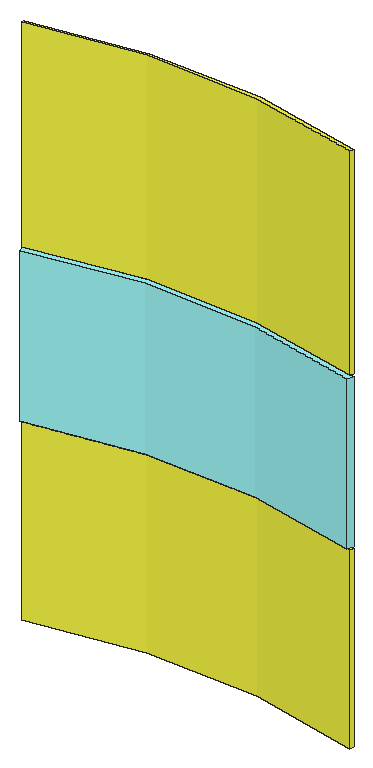
Revit family "EXP_WT-1A_CPan-007", category Curtain Panels, Revit 2021
Family settings
  OmniClass Number = 23.25.20.14.11.11.17
  OmniClass Title = Infill Panels
  Always vertical = Yes
  Cut with Voids When Loaded = Yes
  Shared = No
Parameters (values of type "R = 18'  0" _ H2 = 4' 6 1/2"")
  UI-UnitNumber [instance] = "01"
  UI-Quadrant [instance] = "SE"
  UI-ProjectAbbreviation = "NEU"
  UI-ItemCategory = "PID"
  UI-FloorNumber [instance] = "03"
  PNT-WallType = "WT1A"
  PNT-ProjectAbbreviation = "NEU"
  PNT-PanelType [instance] = "01"
  PNT-ItemCategory = "PNL"
  GlassSPH3 [instance] = 0' - 1 1/8"
  GlassSPH2(x3) [instance] = 0' - 2 3/16"
  GlassSPH1 [instance] = 0' - 1 1/8"
  GlassRayEX = 18' - 0"
  GlassH3 = IG-3C(Glass)
  GlassH2 = IG-1C(Glass)
  GlassH1 = IG-3C(Glass)
  Description = "Curve"
  Define Thermal Properties by = Schematic Type
  CellSp = 0' - 10 3/16"
  CellRayIN [instance] = CellRayEX - CellSp  # 17' - 1 13/16"
  CellRayEX = 18' - 0"
  CellLArch [instance] = 9' - 11.6335"
  CellH3 [instance] = CellH - (CellH1 + CellH2)  # 5' - 4 1/2"
  CellH2 = 4' - 6 1/2"
  CellH1 = 6' - 0 1/2"
  CellH [instance] = 15' - 11 1/2"
  Analytic Construction = "<None>"
Reference planes (in)
  plane 1 "Center (Front/Back)": y = 0
  plane 2: z = 0
  plane 3 "Center (Left/Right)": x = 0
  plane 4 "Left": x = -59.05512
  plane 5 "Right": x = 59.05512
  plane 6 "Top": z = 191.5
  plane 7: z = 119
  plane 8: z = 64.5
Forms (in)
  Extrusion 1, solid, material "IG-1C(Glass)" <- "GlassH2", detail levels coarse+medium
    sketch origin (0, 0, 0) x (1, 0, 0) y (0, 1, 0)
      loop
        line (-59.05512, 0) -> (-56.26982, -9.79935)
        arc (-56.26982, -9.79935) -> (0, -1.95779) -> (56.26982, -9.79935) r 205.8125
        line (56.26982, -9.79935) -> (59.05512, 0)
        arc (59.05512, 0) -> (0, 8.22971) -> (-59.05512, 0) r 216
    from 64.5 to 119
  Extrusion 2, solid, material "IG-3C(Glass)" <- "GlassH1", detail levels coarse+medium
    sketch origin (0, 0, 0) x (1, 0, 0) y (0, 1, 0)
      loop
        arc (59.05512, 0) -> (0, 8.22971) -> (-59.05512, 0) r 216
        line (-59.05512, 0) -> (-56.26982, -9.79935)
        arc (-56.26982, -9.79935) -> (0, -1.95779) -> (56.26982, -9.79935) r 205.8125
        line (56.26982, -9.79935) -> (59.05512, 0)
    from 119 to 191.5
  Extrusion 3, solid, material "IG-3C(Glass)" <- "GlassH3", detail levels coarse+medium
    sketch origin (0, 0, 0) x (1, 0, 0) y (0, 1, 0)
      loop
        line (56.26982, -9.79935) -> (59.05512, 0)
        arc (59.05512, 0) -> (0, 8.22971) -> (-59.05512, 0) r 216
        line (-59.05512, 0) -> (-56.26982, -9.79935)
        arc (-56.26982, -9.79935) -> (0, -1.95779) -> (56.26982, -9.79935) r 205.8125
    from 0 to 64.5
Lines and regions (in)
  reference lines
    curve 1: line (59.05512, 0, 0) -> (0, -207.77029, 0)
    curve 2: line (-59.05512, 0, 0) -> (0, -207.77029, 0)
    curve 3: line (59.05512, 0, 0) -> (33.30348, 7.31946, 0)
    curve 4: line (-59.05512, 0, 0) -> (-31.03127, 7.96529, 0)
  model lines
    curve 5: arc (-59.05512, 0, 0) -> (0, 8.22971, 0) -> (59.05512, 0, 0) r 216
    curve 6: line (-59.05512, 0, 0) -> (-56.26982, -9.79935, 0)
    curve 7: line (59.05512, 0, 0) -> (56.26982, -9.79935, 0)
    curve 8: arc (56.26982, -9.79935, 0) -> (0, -1.95779, 0) -> (-56.26982, -9.79935, 0) r 205.8125
Text (in)
  text "Exterior" at (-92.59733, 55.75508, 0), in view "Ref. Level"
  text "Exterior" at (0, 90.18664, 173.49264), in view "Left"
  text "Exterior" at (0, 52.29083, 162.21847), in view "Right"
Dimensions and locks (in)
  equal spacing: plane 4 "Left", plane 3 "Center (Left/Right)", plane 5 "Right"
  "CellRayEX": curve 2 to curve 2
  "CellRayEX": curve 2 to curve 1
  "CellSp": curve 6 to curve 6
  "CellSp": curve 7 to curve 7
  "CellH": plane 2 to plane 6 "Top"
  "CellH1": plane 7 to plane 6 "Top"
  "CellH2": plane 8 to plane 7
  "CellRayEX": radius of curve 5
  locked: curve 2 to curve 4 (angle 90.00°)
  locked: curve 3 to curve 1 (angle 90.00°)
  "CellLArch": arc length of Extrusion 3  (x2)
  aligned and locked: level to plane 2
  aligned and locked: curve 6 to curve 2
  aligned and locked: curve 7 to curve 1
  aligned and locked: Extrusion 1 sketch curve to curve 5
  aligned and locked: Extrusion 1 sketch curve to curve 8
  aligned and locked: Extrusion 1 sketch curve to curve 7
  aligned and locked: Extrusion 1 sketch curve to curve 6
  aligned and locked: plane 7 to Extrusion 1
  aligned and locked: Extrusion 2 sketch curve to Extrusion 1  (x4)
  aligned and locked: Extrusion 2 to plane 6 "Top"
  aligned and locked: Extrusion 2 to plane 7
  aligned and locked: Extrusion 1 to plane 8
  aligned and locked: Extrusion 3 sketch curve to Extrusion 1  (x4)
  aligned and locked: plane 8 to Extrusion 3
  aligned and locked: Extrusion 3 to plane 2
  aligned and locked: plane 4 "Left" to nested 1
  aligned and locked: plane 5 "Right" to nested 1
  aligned and locked: plane 1 "Center (Front/Back)" to nested 1
  aligned and locked: nested 1 to plane 6 "Top"
  aligned and locked: plane 7 to nested 1
  aligned and locked: plane 4 "Left" to nested 2
  aligned and locked: plane 5 "Right" to nested 2
  aligned and locked: plane 1 "Center (Front/Back)" to nested 2
  aligned and locked: plane 7 to nested 2
  aligned and locked: plane 8 to nested 2
  aligned and locked: plane 4 "Left" to nested 3
  aligned and locked: plane 5 "Right" to nested 3
  aligned and locked: plane 1 "Center (Front/Back)" to nested 3
  aligned and locked: plane 8 to nested 3
  aligned and locked: plane 2 to nested 3
Automatic sketch dimensions
  curve 5 to curve 8 = 0' - 0"
  plane 1 "Center (Front/Back)" to curve 5 = 0' - 0"
  curve 8 to plane 3 "Center (Left/Right)" = 0' - 0"
  plane 1 "Center (Front/Back)" to curve 4 = 0' - 0"
  curve 4 to plane 4 "Left" = 0' - 0"
  curve 2 to plane 3 "Center (Left/Right)" = 0' - 0"
  plane 1 "Center (Front/Back)" to curve 3 = 0' - 0"
Nested families (in)
  nested 1: "EXP_WT-1x_IG-010" at (0, 0, 155.25), MaterialGlass <- "GlassH1", GlassRayEX <- "CellRayEX", GlassSP <- "GlassSPH1", type "GlassSP = H1", detail levels fine
    with MaterialGlass IG-3C(Glass), GlassSP 0' - 1 1/8", GlassRayIN 17' - 10 7/8", GlassRayEX 18' - 0", GlassL 9' - 8.23622", GlassH 5' - 10.81102", CellL 9' - 10.11024", CellH 6' - 0 1/2"
  nested 2: "EXP_WT-1x_IG-010" at (0, 0, 91.75), MaterialGlass <- "GlassH2", GlassRayEX <- "CellRayEX", GlassSP <- "GlassSPH2(x3)", type "GlassSP = H2(x3)", detail levels fine
    with MaterialGlass IG-1C(Glass), GlassSP 0' - 2 3/16", GlassRayIN 17' - 9 13/16", GlassRayEX 18' - 0", GlassL 9' - 8.23622", GlassH 4' - 5.74803", CellL 9' - 10.11024", CellH 4' - 6 1/2"
  nested 3: "EXP_WT-1x_IG-010" at (0, 0, 32.25), MaterialGlass <- "GlassH3", GlassRayEX <- "CellRayEX", GlassSP <- "GlassSPH3", type "GlassSP = H3", detail levels fine
    with MaterialGlass IG-3C(Glass), GlassSP 0' - 1 1/8", GlassRayIN 17' - 10 7/8", GlassRayEX 18' - 0", GlassL 9' - 8.23622", GlassH 5' - 2.56299", CellL 9' - 10.11024", CellH 5' - 4 1/2"
Definition of nested family "EXP_WT-1x_IG-010"
  Parameters (values of type "GlassSP = H3")
    MaterialGlass [instance] = none
    GlassSP [instance] = 0' - 1.25197"
    GlassRayIN [instance] = GlassRayEX - GlassSP  # 17' - 10.74803"
    GlassRayEX [instance] = 18' - 0"
    GlassL [instance] = CellL - (GlassD1 + GlassD3)  # 3' - 10.94488"
    GlassH [instance] = CellH - (GlassD2 + GlassD4)  # 6' - 6.64788"
    GlassD4 = 0' - 1.43701"
    GlassD3 = 0' - 0.93701"
    GlassD2 = 0' - 0 1/2"
    GlassD1 = 0' - 0.93701"
    GMPI-ProjectAbbreviation = "NEU"
    GMPI-IteamCategory = "GLS"
    Default Elevation = 0' - 0"
    CellL [instance] = 4' - 0.8189"
    CellH [instance] = 6' - 8.58489"
  Types (5): name | GlassH | GlassD4 | GlassD2
    GlassSP = H3 | 6' - 6.64788" | 0' - 1.43701" | 0' - 0 1/2"
    GlassSP = H2(x3) | 6' - 7.83292" | 0' - 0.25197" | 0' - 0 1/2"
    GlassSP = H2(x2) | 6' - 6.64788" | 0' - 1.43701" | 0' - 0 1/2"
    GlassSP = H1 | 6' - 6.89592" | 0' - 0.25197" | 0' - 1.43701"
    GlassSP = H | 6' - 5.71088" | 0' - 1.43701" | 0' - 1.43701"
  Reference planes (in)
    plane 1 "Center (Front/Back)": y = 0
    plane 2: z = 0
    plane 3 "Center (Left/Right)": x = 0
    plane 4: z = 40.29245
    plane 5: z = -40.29245
    plane 6: z = 39.79245
    plane 7: z = -38.85544
    plane 8: x = -24.40945
    plane 9: x = 24.40945
  Forms (in)
    Extrusion 1, solid, material <- "MaterialGlass"
      sketch origin (0, 0, 0) x (1, 0, 0) y (0, 1, 0)
        loop
          line (-23.47821, 0.10387) -> (-23.33673, -1.14009)
          arc (-23.33673, -1.14009) -> (0, 0.13168) -> (23.33673, -1.14009) r 214.74803
          line (23.33673, -1.14009) -> (23.47821, 0.10387)
          arc (23.47821, 0.10387) -> (0, 1.38365) -> (-23.47821, 0.10387) r 216
      from -38.85544 to 39.79245
  Lines and regions (in)
    reference lines
      curve 1: line (-24.40945, 0, 0) -> (0, -214.61635, 0)
      curve 2: line (0, -214.61635, 0) -> (24.40945, 0, 0)
      curve 4: line (-6.33555, -150.62035, 0) -> (18.07389, -365.2367, 0)
      curve 5: line (-18.07389, -365.2367, 0) -> (6.33555, -150.62035, 0)
    model lines, not visible
      curve 3: arc (-24.40945, 0, 0) -> (0, 1.38365, 0) -> (24.40945, 0, 0) r 216
  Dimensions and locks (in)
    equal spacing: plane 4, level, plane 5
    "CellH": plane 4 to plane 5
    "GlassD2": plane 4 to plane 6
    "GlassD4": plane 7 to plane 5
    equal spacing: plane 8, plane 3 "Center (Left/Right)", plane 9
    "GlassRayEX": curve 2 to curve 2
    "GlassRayEX": curve 1 to curve 1
    "GlassD1": curve 1 to curve 4
    "GlassD3": curve 2 to curve 5
    "CellL": plane 8 to plane 9
    "GlassRayEX": radius of curve 3
    "GlassRayIN": radius of Extrusion 1 sketch curve
    aligned and locked: level to plane 2
    aligned and locked: Extrusion 1 sketch curve to curve 3
    aligned and locked: Extrusion 1 sketch curve to curve 4
    aligned and locked: curve 5 to Extrusion 1 sketch curve
    aligned and locked: plane 6 to Extrusion 1
    aligned and locked: Extrusion 1 to plane 7
  Automatic sketch dimensions
    plane 1 "Center (Front/Back)" to curve 3 = 0' - 0"  (x2)
    curve 3 to plane 8 = 0' - 0"
    curve 3 to plane 3 "Center (Left/Right)" = 0' - 0"
    plane 1 "Center (Front/Back)" to curve 1 = 0' - 0"
    curve 1 to plane 8 = 0' - 0"
    curve 2 to plane 3 "Center (Left/Right)" = 0' - 0"
    plane 1 "Center (Front/Back)" to curve 2 = 0' - 0"
    curve 5 to plane 8 = 0' - 6.33555"
    curve 4 to plane 3 "Center (Left/Right)" = 0' - 6.33555"
    plane 3 "Center (Left/Right)" to curve 5 = 0' - 6.33555"
    plane 9 to curve 4 = 0' - 6.33555"
    Extrusion 1 sketch curve to Extrusion 1 sketch curve = 0' - 0"  (x2)
